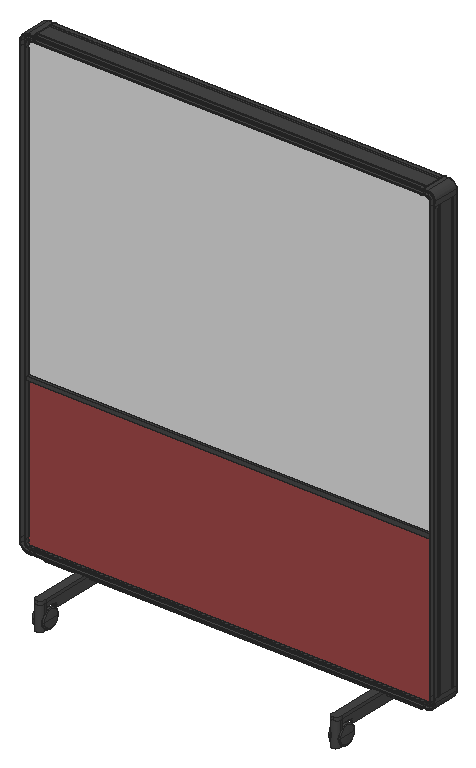
Revit family "DBLTD_TheSenatorGroup_PrvcyScrn_AdaptWall_Screen_US_v2", category Furniture, Revit 2020 (continued)
Definition of nested family "DBLTD_TheSenatorGroup_OffcStrg_AdaptWall_Frame"
  Automatic sketch dimensions
    Sweep 22 sketch curve to Sweep 22 sketch curve = 8.543 mm
    Sweep 22 sketch curve to Sweep 22 sketch curve = 0.219 mm  (x3)
    Sweep 22 sketch curve to Sweep 22 sketch curve = 1.02 mm  (x2)
    Sweep 22 sketch curve to Sweep 22 sketch curve = 10 mm  (x2)
    profile plane to Sweep 22 sketch curve = 175.276 mm
    Sweep 22 sketch curve to Sweep 22 sketch curve = 0 mm  (x2)
    Sweep 22 sketch curve to Sweep 22 sketch curve = 1.116 mm  (x2)
    Sweep 22 sketch curve to Sweep 22 sketch curve = 9.465 mm
    Sweep 22 sketch curve to Sweep 22 sketch curve = 0.512 mm
    Sweep 22 sketch curve to Sweep 22 sketch curve = 4.997 mm
    Sweep 22 sketch curve to Sweep 22 sketch curve = 4.8 mm  (x2)
    Sweep 22 sketch curve to Sweep 22 sketch curve = 57.352 mm
    Sweep 22 sketch curve to Sweep 22 sketch curve = 3.509 mm
    Sweep 22 sketch curve to Sweep 22 sketch curve = 1.488 mm  (x2)
    Sweep 22 sketch curve to Sweep 22 sketch curve = 9.593 mm  (x2)
    Sweep 22 sketch curve to Sweep 22 sketch curve = 0.384 mm  (x2)
    radius of Extrusion 4 sketch curve = 17.494 mm
    radius of Extrusion 5 sketch curve = 17.494 mm
    radius of Extrusion 14 sketch curve = 17.494 mm
    radius of Extrusion 15 sketch curve = 17.494 mm
Definition of nested family "DBLTD_TheSenatorGroup_OffcStrg_AdaptWall_Screen"
  Parameters (values of type "Drywipe with MFC")
    URL = ""
    Type Comments = ""
    ScreenPanelMaterial = none
    ScreenMaterial [instance] = none
    PanelMaterial [instance] = none
    Model = ""
    Manufacturer = ""
    Keynote = ""
    IsFabric = no
    IsDrywipe = yes
    FrontFabric = no
    FrontDrywipe = yes
    FrameWidth [instance] = 1250 mm
    FrameMaterial [instance] = none
    Description = ""
    Default Elevation = 0 mm
    Cost = 0
    BottomMFC = yes
    BottomFabric = no
  Types (6, lengths in mm): name | IsFabric | IsDrywipe | FrontFabric | FrontDrywipe | FrameWidth | BottomMFC | BottomFabric
    Drywipe with Fabric | no | yes | no | yes | 1250 | no | yes
    Fabric with Fabric | yes | no | yes | no | 1250 | no | yes
    Drywipe with MFC | no | yes | no | yes | 1250 | yes | no
    Fabric with MFC | yes | no | yes | no | 1650 | yes | no
    Fabric & Drywipe with MFC | no | yes | yes | no | 1650 | yes | no
    Fabric & Drywipe with Fabric | no | yes | yes | no | 1250 | no | yes
  Reference planes
    plane 1: z = 0
    plane 2 "Center (Left/Right)": x = 0
    plane 3: y = -229
    plane 4: x = -576.25
    plane 5: x = 576.25
    plane 6: x = -625
    plane 7: x = 625
    plane 8: x = -401.881
    plane 9: x = -376.119
    plane 10: x = 401.881
    plane 11: x = 376.119
  Forms (mm)
    Extrusion 1, solid, material <- "FrameMaterial"
      sketch origin (0, 0, 0) x (1, 0, 0) y (0, 0, 1)
        loop
          line (-602.4, 729.508) -> (602.4, 729.508) -> (602.4, 745.068) -> (-602.4, 745.068) -> (-602.4, 729.508)
      from 175.276 to 282.724
    Extrusion 2, solid, material <- "ScreenMaterial", visible <- "FrontFabric"
      sketch origin (0, 0, 0) x (1, 0, 0) y (0, 0, 1)
        loop
          line (-602.4, 1934.91) -> (-602.4, 745.068) -> (602.4, 745.068) -> (602.4, 1934.91)
          arc (602.4, 1934.91) -> (600.233, 1940.143) -> (595, 1942.31) r 7.4
          line (595, 1942.31) -> (-595, 1942.31)
          arc (-595, 1942.31) -> (-600.233, 1940.143) -> (-602.4, 1934.91) r 7.4
      from 229 to 270.143
    Extrusion 3, solid, material <- "ScreenMaterial", visible <- "IsFabric"
      sketch origin (0, -458, 0) x (1, 0, 0) y (0, 0, -1)
        loop
          arc (-602.4, -1934.91) -> (-600.233, -1940.143) -> (-595, -1942.31) r 7.4
          line (-595, -1942.31) -> (595, -1942.31)
          arc (595, -1942.31) -> (600.233, -1940.143) -> (602.4, -1934.91) r 7.4
          line (602.4, -1934.91) -> (602.4, -745.068) -> (-602.4, -745.068) -> (-602.4, -1934.91)
      from 229 to 270.143
    Extrusion 4, solid, material <- "ScreenPanelMaterial", visible <- "IsDrywipe"
      sketch origin (0, -458, 0) x (1, 0, 0) y (0, 0, -1)
        loop
          arc (-602.4, -1934.91) -> (-600.233, -1940.143) -> (-595, -1942.31) r 7.4
          line (-595, -1942.31) -> (595, -1942.31)
          arc (595, -1942.31) -> (600.233, -1940.143) -> (602.4, -1934.91) r 7.4
          line (602.4, -1934.91) -> (602.4, -745.068) -> (-602.4, -745.068) -> (-602.4, -1934.91)
      from 229 to 270.143
    Extrusion 5, solid, material <- "ScreenMaterial", visible <- "BottomFabric"
      sketch origin (0, -458, 2081.065) x (1, 0, 0) y (0, 0, -1)
        loop
          line (-602.4, 1934.91) -> (-602.4, 1351.556) -> (602.4, 1351.556) -> (602.4, 1934.91)
          arc (602.4, 1934.91) -> (600.233, 1940.143) -> (595, 1942.31) r 7.4
          line (595, 1942.31) -> (-595, 1942.31)
          arc (-595, 1942.31) -> (-600.233, 1940.143) -> (-602.4, 1934.91) r 7.4
      from 187.857 to 270.143
    Extrusion 6, solid, material <- "PanelMaterial", visible <- "BottomMFC"
      sketch origin (0, -458, 2081.065) x (1, 0, 0) y (0, 0, -1)
        loop
          line (-602.4, 1934.91) -> (-602.4, 1351.556) -> (602.4, 1351.556) -> (602.4, 1934.91)
          arc (602.4, 1934.91) -> (600.233, 1940.143) -> (595, 1942.31) r 7.4
          line (595, 1942.31) -> (-595, 1942.31)
          arc (-595, 1942.31) -> (-600.233, 1940.143) -> (-602.4, 1934.91) r 7.4
      from 187.857 to 270.143
    Extrusion 7, solid, material <- "ScreenPanelMaterial", visible <- "FrontDrywipe"
      sketch origin (0, 0, 0) x (1, 0, 0) y (0, 0, 1)
        loop
          line (-602.4, 1934.91) -> (-602.4, 745.068) -> (602.4, 745.068) -> (602.4, 1934.91)
          arc (602.4, 1934.91) -> (600.233, 1940.143) -> (595, 1942.31) r 7.4
          line (595, 1942.31) -> (-595, 1942.31)
          arc (-595, 1942.31) -> (-600.233, 1940.143) -> (-602.4, 1934.91) r 7.4
      from 229 to 270.143
  Dimensions and locks
    equal spacing: plane 6, plane 2 "Center (Left/Right)", plane 7
    "FrameWidth": plane 6 to plane 7
    locked: plane 6 to plane 4 at 48.75
    locked: plane 7 to plane 5 at 48.75
    locked: plane 9 to plane 8 at 25.762
    locked: plane 8 to plane 4 at 174.369
    locked: plane 11 to plane 10 at 25.762
    locked: plane 10 to plane 5 at 174.369
    aligned and locked: level to plane 1
  Automatic sketch dimensions
    Extrusion 1 sketch curve to plane 6 = 22.6 mm
    Extrusion 1 sketch curve to plane 7 = 22.6 mm
    level to Extrusion 1 sketch curve = 729.508 mm
    Extrusion 1 sketch curve to Extrusion 1 sketch curve = 15.559 mm
    Extrusion 2 sketch curve to plane 6 = 22.6 mm
    Extrusion 2 sketch curve to Extrusion 2 sketch curve = 7.4 mm
    plane 5 to Extrusion 2 sketch curve = 18.75 mm
    Extrusion 2 sketch curve to plane 7 = 22.6 mm
    level to Extrusion 2 sketch curve = 745.068 mm
    Extrusion 2 sketch curve to Extrusion 2 sketch curve = 1189.842 mm
    Extrusion 3 sketch curve to plane 6 = 22.6 mm
    Extrusion 3 sketch curve to Extrusion 3 sketch curve = 7.4 mm
    plane 5 to Extrusion 3 sketch curve = 18.75 mm
    Extrusion 3 sketch curve to plane 7 = 22.6 mm
    level to Extrusion 3 sketch curve = 1942.31 mm
    level to Extrusion 3 sketch curve = 745.068 mm
    Extrusion 4 sketch curve to plane 6 = 22.6 mm
    Extrusion 4 sketch curve to Extrusion 4 sketch curve = 7.4 mm
    plane 5 to Extrusion 4 sketch curve = 18.75 mm
    Extrusion 4 sketch curve to plane 7 = 22.6 mm
    level to Extrusion 4 sketch curve = 1942.31 mm
    level to Extrusion 4 sketch curve = 745.068 mm
    Extrusion 5 sketch curve to plane 6 = 22.6 mm
    Extrusion 5 sketch curve to Extrusion 5 sketch curve = 7.4 mm
    plane 5 to Extrusion 5 sketch curve = 18.75 mm
    Extrusion 5 sketch curve to plane 7 = 22.6 mm
    level to Extrusion 5 sketch curve = 729.508 mm
    level to Extrusion 5 sketch curve = 146.155 mm
    Extrusion 6 sketch curve to plane 6 = 22.6 mm
    Extrusion 6 sketch curve to Extrusion 6 sketch curve = 7.4 mm
    plane 5 to Extrusion 6 sketch curve = 18.75 mm
    Extrusion 6 sketch curve to plane 7 = 22.6 mm
    level to Extrusion 6 sketch curve = 729.508 mm
    level to Extrusion 6 sketch curve = 146.155 mm
    Extrusion 7 sketch curve to plane 6 = 22.6 mm
    Extrusion 7 sketch curve to Extrusion 7 sketch curve = 7.4 mm
    plane 5 to Extrusion 7 sketch curve = 18.75 mm
    Extrusion 7 sketch curve to plane 7 = 22.6 mm
    level to Extrusion 7 sketch curve = 745.068 mm
    Extrusion 7 sketch curve to Extrusion 7 sketch curve = 1189.842 mm
Types (21, lengths in mm): name | Type Comments | Size | ScreenType | NominalWidth | NominalLength | ModelReference | ModelNumber | Model | DimensionsPlanSize | Description
  (no name) | "Screen Fabric & Magnetic Drywipe Upper Panels, MFC Lower Panels 65\" Wide" | "L 20.87\" x  W 64.96\" x  H 77.36\"" | DBLTD_TheSenatorGroup_OffcStrg_AdaptWall_Screen : Fabric & Drywipe with MFC | 1650 | 1650 | "Screen Fabric & Magnetic Drywipe Upper Panels, MFC Lower Panels 65\" Wide" | "AW7865MFMD" | "AW7865MFMD" | "64.96 x 20.87" | "Screen Fabric & Magnetic Drywipe Upper Panels, MFC Lower Panels 65\" Wide"
  Screen Fabric Upper Panels, Fabric Lower Panels 50" Wide | "Screen Fabric Upper Panels, Fabric Lower Panels 50\" Wide" | "L 20.87\" x  W 49.21\" x  H 77.36\"" | DBLTD_TheSenatorGroup_OffcStrg_AdaptWall_Screen : Fabric with Fabric | 1250 | 1250 | "Screen Fabric Upper Panels, Fabric Lower Panels 50\" Wide" | "AW7850FF" | "AW7850FF" | "49.21 x 20.87" | "Screen Fabric Upper Panels, Fabric Lower Panels 50\" Wide"
  Screen Fabric Upper Panels, Fabric Lower Panels 65" Wide | "Screen Fabric Upper Panels, Fabric Lower Panels 65\" Wide" | "L 20.87\" x  W 64.96\" x  H 77.36\"" | DBLTD_TheSenatorGroup_OffcStrg_AdaptWall_Screen : Fabric with Fabric | 1650 | 1650 | "Screen Fabric Upper Panels, Fabric Lower Panels 65\" Wide" | "AW7865FF" | "AW7865FF" | "64.96 x 20.87" | "Screen Fabric Upper Panels, Fabric Lower Panels 65\" Wide"
  Screen Fabric Upper Panels, MFC Lower Panels 65" Wide | "Screen Fabric Upper Panels, MFC Lower Panels 65\" Wide" | "L 20.87\" x  W 64.96\" x  H 77.36\"" | DBLTD_TheSenatorGroup_OffcStrg_AdaptWall_Screen : Fabric with MFC | 1650 | 1650 | "Screen Fabric Upper Panels, MFC Lower Panels 65\" Wide" | "AW2016MF" | "AW2016MF" | "64.96 x 20.87" | "Screen Fabric Upper Panels, MFC Lower Panels 65\" Wide"
  Screen Fabric Upper Panels, MFC Lower Panels 50" Wide | "Screen Unit Fabric Upper Panels, MFC Lower Panels 50\" Wide" | "L 20.87\" x  W 49.21\" x  H 77.36\"" | DBLTD_TheSenatorGroup_OffcStrg_AdaptWall_Screen : Fabric with MFC | 1250 | 1250 | "Screen Unit Fabric Upper Panels, MFC Lower Panels 50\" Wide" | "AW7865MF" | "AW7865MF" | "49.21 x 20.87" | "Screen Unit Fabric Upper Panels, MFC Lower Panels 50\" Wide"
  Screen Fabric & Drywipe Upper Panels, MFC Lower Panels 65" Wide | "Screen Fabric & Drywipe Upper Panels, MFC Lower Panels 65\" Wide" | "L 20.87\" x  W 64.96\" x  H 77.36\"" | DBLTD_TheSenatorGroup_OffcStrg_AdaptWall_Screen : Fabric & Drywipe with MFC | 1650 | 1650 | "Screen Fabric & Drywipe Upper Panels, MFC Lower Panels 65\" Wide" | "AW7865MFD" | "AW7865MFD" | "64.96 x 20.87" | "Screen Fabric & Drywipe Upper Panels, MFC Lower Panels 65\" Wide"
  Screen Fabric & Drywipe Upper Panels, MFC Lower Panels 50" Wide | "Screen Fabric & Drywipe Upper Panels, MFC Lower Panels 50\" Wide" | "L 20.87\" x  W 49.21\" x  H 77.36\"" | DBLTD_TheSenatorGroup_OffcStrg_AdaptWall_Screen : Fabric & Drywipe with MFC | 1250 | 1250 | "Screen Fabric & Drywipe Upper Panels, MFC Lower Panels 50\" Wide" | "AW7850MFD" | "AW7850MFD" | "49.21 x 20.87" | "Screen Fabric & Drywipe Upper Panels, MFC Lower Panels 50\" Wide"
  Screen Fabric & Drywipe Upper Panels, Fabric Lower Panels 65" Wide | "Screen Fabric & Drywipe Upper Panels, Fabric Lower Panels 65\" Wide" | "L 20.87\" x  W 64.96\" x  H 77.36\"" | DBLTD_TheSenatorGroup_OffcStrg_AdaptWall_Screen : Fabric & Drywipe with Fabric | 1650 | 1650 | "Screen Fabric & Drywipe Upper Panels, Fabric Lower Panels 65\" Wide" | "AW7865FFD" | "AW7865FFD" | "64.96 x 20.87" | "Screen Fabric & Drywipe Upper Panels, Fabric Lower Panels 65\" Wide"
  Screen Fabric & Drywipe Upper Panels, Fabric Lower Panels 50" Wide | "Screen Fabric & Drywipe Upper Panels, Fabric Lower Panels 50\" Wide" | "L 20.87\" x  W 49.21\" x  H 77.36\"" | DBLTD_TheSenatorGroup_OffcStrg_AdaptWall_Screen : Fabric & Drywipe with Fabric | 1250 | 1250 | "Screen Fabric & Drywipe Upper Panels, Fabric Lower Panels 50\" Wide" | "AW7850FFD" | "AW7850FFD" | "49.21 x 20.87" | "Screen Fabric & Drywipe Upper Panels, Fabric Lower Panels 50\" Wide"
  Screen Drywipe Upper Panels, MFC Lower Panels 65" Wide | "Screen Drywipe Upper Panels, MFC Lower Panels 65\" Wide" | "L 20.87\" x  W 64.96\" x  H 77.36\"" | DBLTD_TheSenatorGroup_OffcStrg_AdaptWall_Screen : Drywipe with MFC | 1650 | 1650 | "Screen Drywipe Upper Panels, MFC Lower Panels 65\" Wide" | "AW7865MD" | "AW7865MD" | "64.96 x 20.87" | "Screen Drywipe Upper Panels, MFC Lower Panels 65\" Wide"
  Screen Drywipe Upper Panels, MFC Lower Panels 50" Wide | "Screen Drywipe Upper Panels, MFC Lower Panels 50\" Wide" | "L 20.87\" x  W 49.21\" x  H 77.36\"" | DBLTD_TheSenatorGroup_OffcStrg_AdaptWall_Screen : Drywipe with MFC | 1250 | 1250 | "Screen Drywipe Upper Panels, MFC Lower Panels 50\" Wide" | "AW7850MD" | "AW7850MD" | "49.21 x 20.87" | "Screen Drywipe Upper Panels, MFC Lower Panels 50\" Wide"
  Screen Drywipe Upper Panels, Fabric Lower Panels 50" Wide | "Screen Drywipe Upper Panels, Fabric Lower Panels 50\" Wide" | "L 20.87\" x  W 49.21\" x  H 77.36\"" | DBLTD_TheSenatorGroup_OffcStrg_AdaptWall_Screen : Drywipe with Fabric | 1250 | 1250 | "Screen Drywipe Upper Panels, Fabric Lower Panels 50\" Wide" | "AW7850FD" | "AW7850FD" | "49.21 x 20.87" | "Screen Drywipe Upper Panels, Fabric Lower Panels 50\" Wide"
  Screen Drywipe Upper Panels, Fabric Lower Panels 65" Wide | "Screen Drywipe Upper Panels, Fabric Lower Panels 65\" Wide" | "L 20.87\" x  W 64.96\" x  H 77.36\"" | DBLTD_TheSenatorGroup_OffcStrg_AdaptWall_Screen : Drywipe with MFC | 1650 | 1650 | "Screen Drywipe Upper Panels, Fabric Lower Panels 65\" Wide" | "AW7865FD" | "AW7865FD" | "64.96 x 20.87" | "Screen Drywipe Upper Panels, Fabric Lower Panels 65\" Wide"
  Screen Magnetic Drywipe Upper Panels, Fabric Lower Panels 50" Wide | "Screen Magnetic Drywipe Upper Panels, Fabric Lower Panels 50\" Wide" | "L 20.87\" x  W 49.21\" x  H 77.36\"" | DBLTD_TheSenatorGroup_OffcStrg_AdaptWall_Screen : Drywipe with Fabric | 1250 | 1250 | "Screen Magnetic Drywipe Upper Panels, Fabric Lower Panels 50\" Wide" | "AW7850FMD" | "AW7850FMD" | "49.21 x 20.87" | "Screen Magnetic Drywipe Upper Panels, Fabric Lower Panels 50\" Wide"
  Screen Magnetic Drywipe Upper Panels, Fabric Lower Panels 65" Wide | "Screen Magnetic Drywipe Upper Panels, Fabric Lower Panels 65\" Wide" | "L 20.87\" x  W 64.96\" x  H 77.36\"" | DBLTD_TheSenatorGroup_OffcStrg_AdaptWall_Screen : Drywipe with MFC | 1650 | 1650 | "Screen Magnetic Drywipe Upper Panels, Fabric Lower Panels 65\" Wide" | "AW7865FMD" | "AW7865FMD" | "64.96 x 20.87" | "Screen Magnetic Drywipe Upper Panels, Fabric Lower Panels 65\" Wide"
  Screen Magnetic Drywipe Upper Panels, MFC Lower Panels 50" Wide | "Screen Magnetic Drywipe Upper Panels, MFC Lower Panels 50\" Wide" | "L 20.87\" x  W 49.21\" x  H 77.36\"" | DBLTD_TheSenatorGroup_OffcStrg_AdaptWall_Screen : Drywipe with MFC | 1250 | 1250 | "Screen Magnetic Drywipe Upper Panels, MFC Lower Panels 50\" Wide" | "AW7850MMD" | "AW7850MMD" | "49.21 x 20.87" | "Screen Magnetic Drywipe Upper Panels, MFC Lower Panels 50\" Wide"
  Screen Magnetic Drywipe Upper Panels, MFC Lower Panels 65" Wide | "Screen Magnetic Drywipe Upper Panels, MFC Lower Panels 65\" Wide" | "L 20.87\" x  W 49.21\" x  H 77.36\"" | DBLTD_TheSenatorGroup_OffcStrg_AdaptWall_Screen : Drywipe with MFC | 1250 | 1250 | "Screen Magnetic Drywipe Upper Panels, MFC Lower Panels 65\" Wide" | "AW7865MMD" | "AW7865MMD" | "49.21 x 20.87" | "Screen Magnetic Drywipe Upper Panels, MFC Lower Panels 65\" Wide"
  Screen Fabric & Magnetic Drywipe Upper Panels, Fabric Lower Panels 50" Wide | "Screen Fabric & Magnetic Drywipe Upper Panels, Fabric Lower Panels 50\" Wide" | "L 20.87\" x  W 49.21\" x  H 77.36\"" | DBLTD_TheSenatorGroup_OffcStrg_AdaptWall_Screen : Fabric & Drywipe with Fabric | 1250 | 1250 | "Screen Fabric & Magnetic Drywipe Upper Panels, Fabric Lower Panels 50\" Wide" | "AW7850FFMD" | "AW7850FFMD" | "49.21 x 20.87" | "Screen Fabric & Magnetic Drywipe Upper Panels, Fabric Lower Panels 50\" Wide"
  Screen Fabric & Magnetic Drywipe Upper Panels, Fabric Lower Panels 65" Wide | "Screen Fabric & Magnetic Drywipe Upper Panels, Fabric Lower Panels 65\" Wide" | "L 20.87\" x  W 64.96\" x  H 77.36\"" | DBLTD_TheSenatorGroup_OffcStrg_AdaptWall_Screen : Fabric & Drywipe with Fabric | 1650 | 1650 | "Screen Fabric & Magnetic Drywipe Upper Panels, Fabric Lower Panels 65\" Wide" | "AW7865FFMD" | "AW7865FFMD" | "64.96 x 20.87" | "Screen Fabric & Magnetic Drywipe Upper Panels, Fabric Lower Panels 65\" Wide"
  Screen Fabric & Magnetic Drywipe Upper Panels, MFC Lower Panels 50" Wide | "Screen Fabric & Magnetic Drywipe Upper Panels, MFC Lower Panels 50\" Wide" | "L 20.87\" x  W 49.21\" x  H 77.36\"" | DBLTD_TheSenatorGroup_OffcStrg_AdaptWall_Screen : Fabric & Drywipe with MFC | 1250 | 1250 | "Screen Fabric & Magnetic Drywipe Upper Panels, MFC Lower Panels 50\" Wide" | "AW7850MFMD" | "AW7850MFMD" | "49.21 x 20.87" | "Screen Fabric & Magnetic Drywipe Upper Panels, MFC Lower Panels 50\" Wide"
  Screen Fabric & Magnetic Drywipe Upper Panels, MFC Lower Panels 65" Wide | "Screen Fabric & Magnetic Drywipe Upper Panels, MFC Lower Panels 65\" Wide" | "L 20.87\" x  W 64.96\" x  H 77.36\"" | DBLTD_TheSenatorGroup_OffcStrg_AdaptWall_Screen : Fabric & Drywipe with MFC | 1650 | 1650 | "Screen Fabric & Magnetic Drywipe Upper Panels, MFC Lower Panels 65\" Wide" | "AW7865MFMD" | "AW7865MFMD" | "64.96 x 20.87" | "Screen Fabric & Magnetic Drywipe Upper Panels, MFC Lower Panels 65\" Wide"
